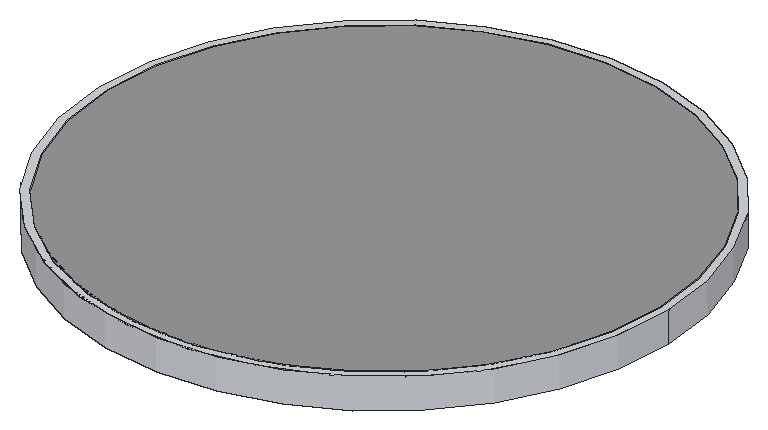
Revit family "2071291", category Lighting Fixtures, host Face, Revit 2018
Family settings
  Host = Face
  Round Connector Dimension = Use Diameter
  Part Type = Junction Box
  OmniClass Number = 23.80.70.00
  OmniClass Title = Lighting
  Cut with Voids When Loaded = No
  Light Source = Yes
  Shared = No
  Room Calculation Point = No
Parameters (values of type "2071291 COLOSSAL 1200 840 OP DIR WHT SSA02")
  iner diameter = 1168 mm
  Weight = "n/a"
  Wattage Comments = ""
  Wattage = 30 W
  WarrantyStartDate [instance] = "n/a"
  WarrantyGuarantorParts = "n/a"
  WarrantyDurationUnit = "n/a"
  WarrantyDurationParts = ""
  WarrantyDescription = "http://www.sylvania-lighting.com"
  built-in parameter 1150110 = 1 (stored number, unit not read)
  Voltage = 230 V
  URL = "0.95"
  TypeName = "COLOSSAL 1200mm 840 OPAL DIR WHITE SSA02"
  Type Image = <None>
  Type Comments = "n/a"
  built-in parameter 1114217 = 1 (stored number, unit not read)
  Tilt Angle = -90.00°
  built-in parameter 1150109 = 1 (stored number, unit not read)
  built-in parameter 1150134 = (empty or 0)
  built-in parameter 1150113 = 1 (stored number, unit not read)
  SerialNumber [instance] = "n/a"
  Photometric Web File = "2071291.ies"
  Material_3_SYL = LED-Sylvania
  PowerFactor = 0
  PowerConsumption = "Lighting"
  NominalLength = 1168 mm
  NominalHeight = 93 mm
  NominalDepth = 1168 mm
  Name = "COLOSSAL 1200mm 840 OPAL DIR WHITE SSA02"
  ModelReference = Name  # "COLOSSAL 1200mm 840 OPAL DIR WHITE SSA02"
  ModelNumber = "2071291"
  Model = Name  # "COLOSSAL 1200mm 840 OPAL DIR WHITE SSA02"
  Material = "Feilo Sylvania"
  ManufacturerName = "143 lm/W"
  Manufacturer = ""
  LuminousEfficacy = ""
  built-in parameter 1150105 = 270.44 (stored number, unit not read)
  Lumens = 3398.4 lm
  LuminaireType = "0"
  built-in parameter 1150115 = 1 (stored number, unit not read)
  LightOutputRatio = "LED"
  built-in parameter 1150137 = (empty or 0)
  built-in parameter 1150139 = (empty or 0)
  LampsType = Lamp  # "n/a"
  LampNominalLuminous = "4000 K"
  LampMacAdamStep = "80"
  LampColourTemperature = "LED"
  LampColourRenderingIndex = "16500"
  built-in parameter 1150112 = 1 (stored number, unit not read)
  built-in parameter 1150114 = 1 (stored number, unit not read)
  Lamp = "n/a"
  Keynote = "n/a"
  InstallationDate [instance] = "n/a"
  InputVoltage = "0"
  InputNominalFrequency = "4000"
  built-in parameter 1150132 = (empty or 0)
  built-in parameter 1150102 = (empty or 0)
  built-in parameter 1150107 = 3000 (stored number, unit not read)
  built-in parameter 1150138 = (empty or 0)
  IngressProtection = "IfcLightFixtureType"
  ImpactProtectionIndex = "IfcLightFixtureType"
  built-in parameter 1150106 = 2.7044 (stored number, unit not read)
  IfcExportType = "IfcLightFixtureType"
  IfcExportAs = "Class I"
  Emit from Circle Diameter = 385 mm
  Emit Shape Visible in Rendering = no
  ElectricShockClassification = "143"
  built-in parameter 1150104 = 10.524 (stored number, unit not read)
  DocumentationLiterature = "http://www.sylvania-lighting.com/product/en-int/products/2071291"
  DimmingControlOptions = "n/a"
  Material_2_SYL = Polycarbonate_Sylvania_White
  Dimming Lamp Color Temperature Shift = <None>
  Description = "1200mm diameter circular architectural luminaire, can be surface mounted or suspended. Powder coated aluminium housing (RAL9016) with polycarbonate opal diffuser. Direct light distribution, 22015lm luminuous flux, 153.6W system power, 143lm/W luminiaire efficacy. Sylsmart Connected enabled. Colour rendering index Ra >80, 4000K Neutral White LED, chromaticity tolerance of 3-step MacAdam ellipse. IP40/IP20, IK03. 450mA drive current. Electrical protection Class1, 220-240V. Reported lifetime 66k hours L90B10."
  Default Elevation = 1219.2 mm
  CreatedOn = "23/03/2022"
  CreatedBy = "@sylvania-lighting.com"
  Cost = 0
  Color Filter = 16777215
  built-in parameter 1114216 [instance] = (empty or 0)
  ClassificationValue = "EF_70_80"
  ClassificationName = "Uniclass2015"
  Material_1_SYL = Polycarbonate_Sylvania_Opal
  BarCode [instance] = "n/a"
  built-in parameter 1114218 = 1 (stored number, unit not read)
  built-in parameter 1150133 = 10 (stored number, unit not read)
  AssetType = "Fixed"
  AssetIdentifier [instance] = "n/a"
  Assembly Code = "D5020200"
  Apparent Load = 153.6 VA
  Material_4_SYL = none
Reference planes
  plane 1 "Center (Front/Back)": y = 0
  plane 2: z = 0
  plane 3 "Center (Left/Right)": x = 0
  plane 4: z = 1.161
  plane 5: z = 16.161
  plane 6: y = 584
  plane 7: y = -584
  plane 8: x = 85
  plane 9: x = -85
  plane 10: through (0, 0, 1219.2) normal (0.5, 0.866, 0)
  plane 11: through (42.5, 73.612, 1219.2) normal (0.5, 0.866, 0)
  plane 12: through (-42.5, -73.612, 1219.2) normal (0.5, 0.866, 0)
  plane 13: through (0, 0, 1219.2) normal (0.5, -0.866, 0)
  plane 14: through (-42.5, 73.612, 1219.2) normal (0.5, -0.866, 0)
  plane 15: through (42.5, -73.612, 1219.2) normal (0.5, -0.866, 0)
  plane 16: z = 93
  plane 17: y = 584
  plane 18: y = -584
  plane 19: y = -429
  plane 20: x = -584
  plane 21: x = 584
Forms (mm)
  Extrusion 1, solid, detail levels medium+fine
    sketch origin (0, 0, 0) x (0.866025, -0.5, 0) y (0.5, 0.866025, 0)
      loop
        circle (-50, 86.603) r 22
    from 0 to 2
  Extrusion 2, solid, detail levels medium+fine
    sketch origin (0, 0, 0) x (0.866025, -0.5, 0) y (0.5, 0.866025, 0)
      loop
        circle (100, 0) r 22
      loop
        circle (-50, -86.603) r 22
    from 0 to 2
  Extrusion 3, solid, detail levels medium+fine
    sketch origin (0, 0, 0) x (1, 0, 0) y (0, 1, 0)
      loop
        circle (0, 0) r 584
    from 30 to 93
  Extrusion 4, void
    sketch origin (0, 0, 0) x (1, 0, 0) y (0, 1, 0)
      loop
        circle (0, 0) r 568
    from 96.588 to 37.292
  Extrusion 5, solid, material "Glass, White, High Luminance", detail levels fine
    sketch origin (0, 0, 0) x (1, 0, 0) y (0, 1, 0)
      loop
        circle (0, 0) r 568
    from 88.022 to 93
  Extrusion 6, solid, detail levels coarse
    sketch origin (0, 0, 0) x (1, 0, 0) y (0, 1, 0)
      loop
        line (-584, 584) -> (-584, -584) -> (584, -584) -> (584, 584) -> (-584, 584)
    from 0 to 93
  Blend 7, solid, detail levels medium+fine
    base sketch origin (-10.814, 11.299, 29.922) x (1, 0, 0) y (0, 1, 0)
      loop
        line (-402.654, -330.622) -> (397.346, -330.622) -> (482.346, -183.398) -> (82.346, 509.423) -> (-87.654, 509.423) -> (-487.654, -183.398) -> (-402.654, -330.622)
    top sketch origin (-10.814, 11.299, 29.922) x (1, 0, 0) y (0, 1, 0)
      loop
        line (-363.391, -306.496) -> (364.632, -306.496) -> (449.632, -159.272) -> (87.132, 468.597) -> (-82.868, 468.597) -> (-445.368, -159.272) -> (-363.391, -306.496)
    from 0 to -30
Cuts and joins
  Extrusion 4 cuts Extrusion 1
  Extrusion 4 cuts Extrusion 2
  Extrusion 4 cuts Extrusion 3
Lines and regions (mm)
  model lines, detail levels medium+fine
    curve 1: circle (0, 0, 0) r 155 normal (0, 0, 1)
  reference lines
    curve 2: circle (0, 0, 0) r 489 normal (0, 0, 1)
    curve 3: circle (0, 0, 0) r 521 normal (0, 0, 1)
    curve 4: line (0, 0, 0) -> (606.218, -350, 0)
    curve 5: line (0, 0, 0) -> (0, 825, 0)
    curve 6: line (0, 0, 0) -> (-623.538, -360, 0)
    curve 7: line (639.013, -270.785, 0) -> (85, 49.075, 0)
    curve 8: line (563.718, -423.612, 0) -> (0, -98.15, 0)
    curve 9: line (85, 49.075, 0) -> (85, 825, 0)
    curve 10: line (-85, 49.075, 0) -> (-85, 825, 0)
    curve 11: line (-85, 49.075, 0) -> (-666.038, -286.388, 0)
    curve 12: line (-581.038, -433.612, 0) -> (0, -98.15, 0)
Dimensions and locks
  plane 4 to level = 1.161 mm
  locked: plane 5 to plane 4 at 15
  "NominalDepth": plane 6 to plane 7
  plane 6 to plane 1 "Center (Front/Back)" to plane 7 = 584 mm, 584 mm
  "NominalHeight": level to plane 16
  equal spacing: plane 17, plane 1 "Center (Front/Back)", plane 18
  "NominalLength": plane 20 to plane 21
  equal spacing: plane 20, plane 3 "Center (Left/Right)", plane 21
  aligned and locked: plane 2 to host face
  aligned and locked: level to host face
  aligned and locked: plane 6 to Extrusion 6
Automatic sketch dimensions
  host sketch curve to host sketch curve = 2438.4 mm  (x2)
  Extrusion 1 sketch curve to plane 3 "Center (Left/Right)" = 0 mm
  Extrusion 1 sketch curve to plane 1 "Center (Front/Back)" = 100 mm
  plane 1 "Center (Front/Back)" to Extrusion 2 sketch curve = 50 mm
  Extrusion 2 sketch curve to plane 3 "Center (Left/Right)" = 86.603 mm
  Extrusion 2 sketch curve to Extrusion 2 sketch curve = 150 mm
  Extrusion 2 sketch curve to Extrusion 2 sketch curve = 86.603 mm
  plane 1 "Center (Front/Back)" to curve 1 = 0 mm
  curve 1 to plane 3 "Center (Left/Right)" = 0 mm
  plane 1 "Center (Front/Back)" to Extrusion 3 sketch curve = 0 mm
  Extrusion 3 sketch curve to plane 3 "Center (Left/Right)" = 0 mm
  plane 1 "Center (Front/Back)" to Extrusion 4 sketch curve = 0 mm
  Extrusion 4 sketch curve to plane 3 "Center (Left/Right)" = 0 mm
  plane 1 "Center (Front/Back)" to Extrusion 5 sketch curve = 0 mm
  Extrusion 5 sketch curve to plane 3 "Center (Left/Right)" = 0 mm
  curve 2 to curve 3 = 0 mm  (x2)
  curve 11 to plane 14 = 0 mm
  curve 6 to plane 13 = 0 mm
  curve 12 to plane 15 = 0 mm
  curve 10 to plane 9 = 0 mm
  curve 12 to plane 3 "Center (Left/Right)" = 0 mm
  plane 1 "Center (Front/Back)" to curve 3 = 0 mm
  curve 3 to plane 3 "Center (Left/Right)" = 0 mm
  curve 7 to plane 8 = 0 mm
  curve 11 to plane 10 = 0 mm
  curve 12 to plane 19 = 4.612 mm
  plane 19 to curve 6 = 69 mm
  plane 19 to curve 11 = 142.612 mm
  plane 19 to curve 8 = 5.388 mm
  plane 19 to curve 4 = 79 mm
  plane 19 to curve 7 = 158.215 mm
  plane 6 to curve 5 = 241 mm
  curve 10 to curve 5 = 0 mm
  curve 5 to curve 9 = 0 mm
  plane 1 "Center (Front/Back)" to curve 6 = 0 mm
  curve 6 to plane 3 "Center (Left/Right)" = 0 mm
  Extrusion 6 sketch curve to plane 7 = 0 mm
  Extrusion 6 sketch curve to plane 6 = 0 mm
  Blend 7 sketch curve to plane 6 = 756.098 mm  (x2)
  Blend 7 sketch curve to Blend 7 sketch curve = 85 mm
  plane 3 "Center (Left/Right)" to Blend 7 sketch curve = 386.532 mm
  plane 8 to Blend 7 sketch curve = 386.532 mm
  Blend 7 sketch curve to plane 6 = 63.278 mm
  Blend 7 sketch curve to plane 6 = 731.972 mm  (x2)
  Blend 7 sketch curve to Blend 7 sketch curve = 81.977 mm
  plane 3 "Center (Left/Right)" to Blend 7 sketch curve = 353.818 mm
  plane 8 to Blend 7 sketch curve = 353.818 mm
  Blend 7 sketch curve to plane 6 = 104.104 mm
  plane 12 to curve 8 = 0 mm
  plane 19 to Blend 7 sketch curve = 109.677 mm
  plane 19 to Blend 7 sketch curve = 133.803 mm
  plane 8 to Extrusion 6 sketch curve = 499 mm
  Extrusion 6 sketch curve to plane 9 = 499 mm
  Blend 7 sketch curve to plane 8 = 13.468 mm
  Blend 7 sketch curve to plane 9 = 13.468 mm
  Blend 7 sketch curve to plane 9 = 328.468 mm
  Blend 7 sketch curve to plane 8 = 8.682 mm
  Blend 7 sketch curve to plane 9 = 8.682 mm
  Blend 7 sketch curve to plane 9 = 289.205 mm
  plane 10 to curve 4 = 0 mm
  plane 11 to curve 7 = 0 mm
  curve 12 to plane 12 = 0 mm
  curve 9 to plane 11 = 0 mm
  radius of Extrusion 1 sketch curve = 22 mm
  radius of Extrusion 2 sketch curve = 22 mm  (x2)
  radius of curve 1 = 155 mm
  radius of Extrusion 3 sketch curve = 584 mm
  radius of Extrusion 4 sketch curve = 568 mm
  radius of Extrusion 5 sketch curve = 568 mm
  radius of curve 2 = 489 mm
  radius of curve 3 = 521 mm
Connectors
  electrical at (0, 0, 30)
    settings: on cut or joined group of Extrusion 3, Extrusion 4, index 1, voltage 0 V, apparent load 0 VA, apparent load phase1 0 VA, apparent load phase2 0 VA, apparent load phase3 0 VA, power factor 1, load classification "Other", number of poles 1, system type 31, power factor state 1, is connector primary yes, connector utility no, sub classification motor no, connector description ""
